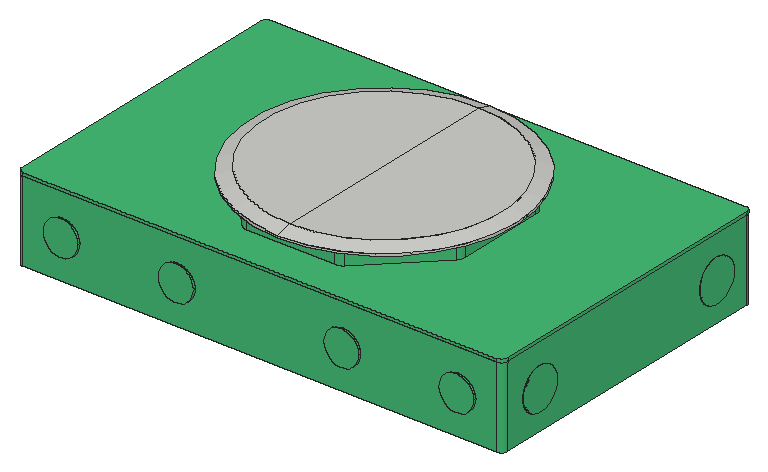
Revit family "Electrical_Equipment-Floor_Box-Hubbell_Wiring-6_Gang-Concrete-CFB6G30R", category Electrical Fixtures, host Face, Revit 2015
Parameters (values of type "CFB6G30RCR")
  URL = "http://www.hubbell-wiring.com/"
  Product data url = "https://bimobject.com/hubbellwiring/product/hubbell-cfb6g30"
  Product Page URL = "http://ecatalog.hubbell-wiring.com/productinformation/viewcatalog.aspx?Dest=hubbell-wiring.com/press/catalog/O.pdf"
  Product Documentation Link = "http://www.hubbell-wiring.com/DrawingLibrary.aspx/"
  Model = "CFB6G30RCR"
  Manufacturer = "Hubbell-Wiring"  # constant formula
  Keynote = ""
  Device Plate 6 [instance] = Device Plate : FBMP139 - Simplex / 20A - 1.39" circular opening
  Device Plate 5 [instance] = Device Plate : FBMP139 - Simplex / 20A - 1.39" circular opening
  Device Plate 4 [instance] = Device Plate : FBMP139 - Simplex / 20A - 1.39" circular opening
  Device Plate 3 [instance] = Device Plate : FBMP139 - Simplex / 20A - 1.39" circular opening
  Device Plate 2 [instance] = Device Plate : FBMP139 - Simplex / 20A - 1.39" circular opening
  Device Plate 1 [instance] = Device Plate : FBMP139 - Simplex / 20A - 1.39" circular opening
  Description = "Concrete Floor, 6 Gang for 8'' Rond Cover With Green Exterior"
  Default Elevation = 0.00"
  Cover Type [instance] = CFBS1R8CVR : CFBS1R8CVRNK - Nickel Cover
  Conduit Connector_9 Description = "Conduit 1.25in. 1in. or 0.75in. Connection"
  Conduit Connector_8 Description = "Conduit 1.25in. 1in. or 0.75in. Connection"
  Conduit Connector_7 Description = "Conduit 1.25in. 1in. or 0.75in. Connection"
  Conduit Connector_6 Description = "Conduit 1.25in. 1in. or 0.75in. Connection"
  Conduit Connector_5 Description = "Conduit 1.25in. 1in. or 0.75in. Connection"
  Conduit Connector_4 Description = "Conduit 1.5in. 1.25in. 1in. or  0.75. Connection"
  Conduit Connector_3 Description = "Conduit 1.5in. 1.25in. 1in. or  0.75. Connection"
  Conduit Connector_20 Description = "Conduit 0.75in. or 0.5in. Connection"
  Conduit Connector_2 Description = "Conduit 1.5in. 1.25in. 1in. or  0.75. Connection"
  Conduit Connector_19 Description = "Conduit 0.75in. or 0.5in. Connection"
  Conduit Connector_18 Description = "Conduit 0.75in. or 0.5in. Connection"
  Conduit Connector_17 Description = "Conduit 0.75in. or 0.5in. Connection"
  Conduit Connector_16 Description = "Conduit 1.25in. 1in. or 0.75in. Connection"
  Conduit Connector_15 Description = "Conduit 1.25in. 1in. or 0.75in. Connection"
  Conduit Connector_14 Description = "Conduit 1.25in. 1in. or 0.75in. Connection"
  Conduit Connector_13 Description = "Conduit 1.25in. 1in. or 0.75in. Connection"
  Conduit Connector_12 Description = "Conduit 1.25in. 1in. or 0.75in. Connection"
  Conduit Connector_11 Description = "Conduit 1.25in. 1in. or 0.75in. Connection"
  Conduit Connector_10 Description = "Conduit 1.25in. 1in. or 0.75in. Connection"
  Conduit Connector_1 Description = "Conduit 1.5in. 1.25in. 1in. or  0.75. Connection"
  Conduit Connector 4 Radius = 0.375"
  Conduit Connector 3 Radius = 0.75"
  Conduit Connector 2 Radius = 0.625"
  Conduit Connector 1 Radius = 0.75"
  Box Material = Metal - Hubbell - Green Finish
  Assembly Code = "D5020115"
Types (2): name | Model | Description | Box Material
  CFB6G30R | "CFB6G30R" | "Concrete Floor, 6 Gang for 8'' Rond Cover" | Metal - Hubbell - Steel
  CFB6G30RCR | "CFB6G30RCR" | "Concrete Floor, 6 Gang for 8'' Rond Cover With Green Exterior" | Metal - Hubbell - Green Finish
Reference planes (in)
  plane 1 "Center (Front/Back)": y = 0
  plane 2: z = 0
  plane 3 "Center (Left/Right)": x = 0
  plane 4 "Bottom": z = -3.539
  plane 5: y = -3.965
  plane 6: z = -2.119
  plane 7: z = -3.599
  plane 8: x = -8.71897
  plane 9: x = 8.71897
  plane 10: y = 5.5648
  plane 11: y = -5.5648
  plane 12: z = -3.439
  plane 13 "Box cut": y = 5.47431
  plane 14: y = -5.47431
  plane 15: z = -0.64
  plane 16: y = 3.965
  plane 17: x = -8.77271
  plane 18: x = 8.77271
  plane 19: y = -5.6248
  plane 20: y = 5.6248
  plane 21: x = -2.97
  plane 22: x = 2.97
  plane 23: x = -7.1
  plane 24: x = 7.1
  plane 25: x = 8.62897
  plane 26: x = -8.62897
  plane 27: x = -1.2
  plane 28: x = 1.2
  plane 29: y = 4.6
  plane 30: y = -4.6
  plane 31: z = -0.54
Forms (in)
  Extrusion 1, solid, material "Metal - Hubbell - Green Finish" <- "Box Material"
    sketch origin (0, 0, -3.539) x (0, 1, 0) y (-1, 0, 0)
      loop
        arc (-5.3399, 8.71897) -> (-5.49893, 8.6531) -> (-5.5648, 8.49407) r 0.2249
        line (-5.5648, 8.49407) -> (-5.5648, -8.49407)
        arc (-5.5648, -8.49407) -> (-5.49893, -8.6531) -> (-5.3399, -8.71897) r 0.2249
        line (-5.3399, -8.71897) -> (5.36421, -8.71897)
        arc (5.36421, -8.71897) -> (5.50605, -8.66022) -> (5.5648, -8.51838) r 0.20059
        line (5.5648, -8.51838) -> (5.5648, 8.49407)
        arc (5.5648, 8.49407) -> (5.49893, 8.6531) -> (5.3399, 8.71897) r 0.2249
        line (5.3399, 8.71897) -> (-5.3399, 8.71897)
    from 0 to 2.899
  Extrusion 2, solid, material "Metal - Hubbell - Green Finish" <- "Box Material", detail levels medium+fine
    sketch origin (0, 0, 0) x (1, 0, 0) y (0, 0, 1)
      loop
        circle (-2.97, -2.119) r 0.625
      loop
        circle (2.97, -2.119) r 0.625
      loop
        circle (-7.1, -2.119) r 0.625
      loop
        circle (7.1, -2.119) r 0.625
    from 5.5648 to 5.6248
  Extrusion 3, solid, material "Metal - Hubbell - Green Finish" <- "Box Material", detail levels medium+fine
    sketch origin (0, 0, 0) x (1, 0, 0) y (0, 0, -1)
      loop
        circle (-2.97, 2.119) r 0.625
      loop
        circle (2.97, 2.119) r 0.625
      loop
        circle (7.1, 2.119) r 0.625
      loop
        circle (-7.1, 2.119) r 0.625
    from 5.5648 to 5.6248
  Extrusion 4, solid, material "Metal - Hubbell - Green Finish" <- "Box Material", detail levels medium+fine
    sketch origin (0, 0, 0) x (0, 1, 0) y (0, 0, 1)
      loop
        circle (-3.965, -2.119) r 0.75
      loop
        circle (3.965, -2.119) r 0.75
    from 8.71897 to 8.77271
  Extrusion 5, solid, material "Metal - Hubbell - Green Finish" <- "Box Material", detail levels medium+fine
    sketch origin (0, 0, 0) x (0, 1, 0) y (0, 0, -1)
      loop
        circle (-3.965, 2.119) r 0.75
      loop
        circle (3.965, 2.119) r 0.75
    from 8.71897 to 8.77271
  Extrusion 6, void
    sketch origin (0, 0, 0) x (1, 0, 0) y (0, 1, 0)
      loop
        line (-8.62897, 5.47431) -> (-8.62897, -5.47431) -> (8.62897, -5.47431) -> (8.62897, 5.47431) -> (-8.62897, 5.47431)
    from -3.439 to 0
  Extrusion 7, solid, material "Metal - Hubbell - Green Finish" <- "Box Material"
    sketch origin (0, 0, 0) x (1, 0, 0) y (0, 1, 0)
      loop
        circle (7.1, 3.965) r 0.75
      loop
        circle (-7.1, -3.965) r 0.75
      loop
        circle (7.1, -3.965) r 0.75
      loop
        circle (-7.1, 3.965) r 0.75
      loop
        circle (-1.2, 4.6) r 0.375
      loop
        circle (1.2, 4.6) r 0.375
      loop
        circle (-1.2, -4.6) r 0.375
      loop
        circle (1.2, -4.6) r 0.375
    from -3.599 to -3.539
  Sweep 8, solid, material "Metal - Hubbell - Green Finish" <- "Box Material"
    path origin (0, 0, 0) x (0, 1, 0) y (0, 0, 1)
      loop
        line (0, -0.64) -> (0, -0.54)
    profile origin (0, 0, -0.59) x (0, -1, 0) y (1, 0, 0)
      loop
        arc (-5.5648, -8.49407) -> (-5.49893, -8.6531) -> (-5.3399, -8.71897) r 0.2249
        line (-5.3399, -8.71897) -> (5.3399, -8.71897)
        arc (5.3399, -8.71897) -> (5.49893, -8.6531) -> (5.5648, -8.49407) r 0.2249
        line (5.5648, -8.49407) -> (5.5648, 8.49407)
        arc (5.5648, 8.49407) -> (5.49893, 8.6531) -> (5.3399, 8.71897) r 0.2249
        line (5.3399, 8.71897) -> (-5.36421, 8.71897)
        arc (-5.36421, 8.71897) -> (-5.50605, 8.66022) -> (-5.5648, 8.51838) r 0.20059
        line (-5.5648, 8.51838) -> (-5.5648, -8.49407)
  Sweep 9, solid, material "Metal - Hubbell - Green Finish" <- "Box Material"
    path origin (0, 0, 0) x (0, 1, 0) y (0, 0, 1)
      loop
        line (0, -0.54) -> (0, 0)
    profile origin (0, 0, -0.27) x (0, -1, 0) y (1, 0, 0)
      loop
        arc (-1.84911, -4.07) -> (-1.72124, -4.15544) -> (-1.57041, -4.18544) r 0.39414
        line (-1.57041, -4.18544) -> (1.57041, -4.18544)
        arc (1.57041, -4.18544) -> (1.72124, -4.15544) -> (1.84911, -4.07) r 0.39414
        line (1.84911, -4.07) -> (4.07, -1.84911)
        arc (4.07, -1.84911) -> (4.15544, -1.72124) -> (4.18544, -1.57041) r 0.39414
        line (4.18544, -1.57041) -> (4.18544, 1.57041)
        arc (4.18544, 1.57041) -> (4.15544, 1.72124) -> (4.07, 1.84911) r 0.39414
        line (4.07, 1.84911) -> (1.84911, 4.07)
        arc (1.84911, 4.07) -> (1.72124, 4.15544) -> (1.57041, 4.18544) r 0.39414
        line (1.57041, 4.18544) -> (-1.57041, 4.18544)
        arc (-1.57041, 4.18544) -> (-1.72124, 4.15544) -> (-1.84911, 4.07) r 0.39414
        line (-1.84911, 4.07) -> (-4.07, 1.84911)
        arc (-4.07, 1.84911) -> (-4.15544, 1.72124) -> (-4.18544, 1.57041) r 0.39414
        line (-4.18544, 1.57041) -> (-4.18544, -1.57041)
        arc (-4.18544, -1.57041) -> (-4.15544, -1.72124) -> (-4.07, -1.84911) r 0.39414
        line (-4.07, -1.84911) -> (-1.84911, -4.07)
Cuts and joins
  Extrusion 6 cuts Extrusion 1
Lines and regions (in)
  symbolic lines
    curve 1: line (0, -5.5648, -3.539) -> (0, -5.5648, 0)
    curve 2: line (0, 5.5648, 0) -> (0, -5.5648, 0)
    curve 3: line (0, 5.5648, 0) -> (0, 5.5648, -3.539)
    curve 4: line (0, 5.5648, -3.539) -> (0, -5.5648, -3.539)
    curve 5: line (-8.71897, 0, 0) -> (-8.71897, 0, -3.539)
    curve 6: line (-8.71897, 0, -3.539) -> (8.71897, 0, -3.539)
    curve 7: line (8.71897, 0, -3.539) -> (8.71897, 0, 0)
    curve 8: line (8.71897, 0, -0.64) -> (8.71897, 0, 0)
    curve 9: line (8.71897, 0, 0) -> (-8.71897, 0, 0)
    curve 10: line (-8.71897, 0, 0) -> (-8.71897, 0, -0.64)
Dimensions and locks (in)
  level to plane 4 "Bottom" = 3.539"
  level to plane 7 = 3.599"
  level to plane 12 = 3.439"
  plane 6 to level = 2.119"
  level to plane 15 = 0.64"
  locked: plane 5 to Extrusion 5 sketch curve at 0
  locked: plane 6 to Extrusion 5 sketch curve at 0  (x2)
  locked: plane 16 to Extrusion 5 sketch curve at 0
  locked: plane 5 to Extrusion 4 sketch curve at 0
  locked: plane 6 to Extrusion 4 sketch curve at 0  (x2)
  locked: plane 16 to Extrusion 4 sketch curve at 0
  host face to plane 4 "Bottom" = 3.539"
  equal spacing: plane 22, plane 3 "Center (Left/Right)", plane 21
  locked: plane 3 "Center (Left/Right)" to plane 21 at 2.97
  locked: plane 11 to plane 19 at 0.06
  equal spacing: plane 16, plane 1 "Center (Front/Back)", plane 5
  locked: plane 16 to plane 1 "Center (Front/Back)" at 3.965
  equal spacing: plane 14, plane 1 "Center (Front/Back)", plane 13 "Box cut"
  equal spacing: plane 11, plane 1 "Center (Front/Back)", plane 10
  equal spacing: plane 20, plane 1 "Center (Front/Back)", plane 19
  equal spacing: plane 8, plane 3 "Center (Left/Right)", plane 9
  equal spacing: plane 17, plane 3 "Center (Left/Right)", plane 18
  equal spacing: plane 24, plane 3 "Center (Left/Right)", plane 23
  locked: plane 3 "Center (Left/Right)" to plane 23 at 7.1
  equal spacing: plane 26, plane 3 "Center (Left/Right)", plane 25
  equal spacing: plane 29, plane 1 "Center (Front/Back)", plane 30
  plane 29 to plane 1 "Center (Front/Back)" = 4.60"
  equal spacing: plane 28, plane 3 "Center (Left/Right)", plane 27
  locked: plane 28 to plane 3 "Center (Left/Right)" at 1.2
  locked: plane 17 to plane 18 at 17.54542
  locked: plane 31 to plane 15 at 0.1
  locked: Sweep 9 to plane 3 "Center (Left/Right)" at 4.18544
  "Conduit Connector 1 Radius": radius of Extrusion 5 sketch curve  (x2)
  "Conduit Connector 1 Radius": radius of Extrusion 4 sketch curve  (x2)
  "Conduit Connector 2 Radius": radius of Extrusion 2 sketch curve  (x4)
  "Conduit Connector 3 Radius": radius of Extrusion 7 sketch curve  (x4)
  "Conduit Connector 2 Radius": radius of Extrusion 3 sketch curve  (x4)
  "Conduit Connector 4 Radius": radius of Extrusion 7 sketch curve  (x4)
  aligned and locked: host face to plane 2
  aligned and locked: level to host face
  aligned and locked: plane 8 to Extrusion 5
  aligned and locked: Extrusion 4 to plane 9
  aligned and locked: Extrusion 2 to plane 11
  aligned and locked: plane 10 to Extrusion 3
  aligned and locked: Extrusion 1 to plane 4 "Bottom"
  aligned and locked: Extrusion 1 sketch curve to plane 9
  aligned and locked: plane 11 to Extrusion 1 sketch curve
  aligned and locked: cut or joined group of Extrusion 1, Extrusion 6 to plane 13 "Box cut"
  aligned and locked: plane 14 to cut or joined group of Extrusion 1, Extrusion 6
  aligned and locked: plane 2 to cut or joined group of Extrusion 1, Extrusion 6
  aligned and locked: plane 4 "Bottom" to Extrusion 7
  aligned and locked: curve 4 to plane 4 "Bottom"
  aligned and locked: plane 11 to curve 1
  aligned and locked: curve 2 to plane 2
  aligned and locked: Extrusion 7 to plane 7
  aligned and locked: Extrusion 5 to plane 17
  aligned and locked: plane 18 to Extrusion 4
  aligned and locked: Extrusion 2 to plane 19
  aligned and locked: plane 20 to Extrusion 3
  aligned and locked: curve 5 to plane 8
  aligned and locked: curve 6 to plane 4 "Bottom"
  aligned and locked: plane 9 to curve 7
  aligned and locked: plane 9 to curve 8
  aligned and locked: Extrusion 6 to plane 12
  aligned and locked: plane 10 to Extrusion 1 sketch curve
  aligned and locked: plane 6 to Extrusion 2 sketch curve  (x4)
  aligned and locked: plane 21 to Extrusion 2 sketch curve
  aligned and locked: plane 22 to Extrusion 2 sketch curve
  aligned and locked: plane 23 to Extrusion 2 sketch curve
  aligned and locked: plane 24 to Extrusion 2 sketch curve
  aligned and locked: plane 6 to Extrusion 3 sketch curve  (x4)
  aligned and locked: plane 21 to Extrusion 3 sketch curve
  aligned and locked: plane 22 to Extrusion 3 sketch curve
  aligned and locked: plane 24 to Extrusion 3 sketch curve
  aligned and locked: plane 23 to Extrusion 3 sketch curve
  aligned and locked: plane 8 to Extrusion 1 sketch curve
  aligned and locked: Extrusion 6 sketch curve to plane 25
  aligned and locked: plane 26 to Extrusion 6 sketch curve
  aligned and locked: plane 23 to Extrusion 7 sketch curve  (x2)
  aligned and locked: plane 24 to Extrusion 7 sketch curve  (x2)
  aligned and locked: plane 5 to Extrusion 7 sketch curve  (x2)
  aligned and locked: plane 16 to Extrusion 7 sketch curve  (x2)
  aligned and locked: plane 29 to Extrusion 7 sketch curve  (x2)
  aligned and locked: plane 27 to Extrusion 7 sketch curve  (x2)
  aligned and locked: plane 28 to Extrusion 7 sketch curve  (x2)
  aligned and locked: plane 30 to Extrusion 7 sketch curve  (x2)
  aligned and locked: plane 1 "Center (Front/Back)" to Sweep 8 sketch curve
  aligned and locked: plane 15 to Sweep 8 sketch curve
  aligned and locked: plane 31 to Sweep 8 sketch curve
  aligned and locked: plane 1 "Center (Front/Back)" to Sweep 9 sketch curve
  aligned and locked: plane 2 to Sweep 9 sketch curve
  aligned and locked: plane 31 to Sweep 9 sketch curve
  aligned and locked: plane 15 to Extrusion 1
  aligned and locked: Sweep 8 sketch curve to plane 8
  aligned and locked: Sweep 8 sketch curve to plane 10
  aligned and locked: plane 9 to Sweep 8 sketch curve
  aligned and locked: plane 11 to Sweep 8 sketch curve
  aligned and locked: plane 3 "Center (Left/Right)" to nested 1
  aligned and locked: plane 1 "Center (Front/Back)" to nested 1
  aligned and locked: plane 10 to curve 3
  aligned and locked: plane 31 to Sweep 8
  aligned and locked: curve 9 to plane 2
Automatic sketch dimensions
  host sketch curve to host sketch curve = 96.00"  (x2)
  Extrusion 1 sketch curve to plane 14 = 0.13441"  (x2)
  plane 13 "Box cut" to Extrusion 1 sketch curve = 0.13441"
  plane 13 "Box cut" to Extrusion 1 sketch curve = 0.1101"
  plane 14 to Extrusion 6 sketch curve = 0.00"
  plane 13 "Box cut" to Extrusion 6 sketch curve = 0.00"
  Sweep 8 sketch curve to Sweep 8 sketch curve = 0.2249"  (x3)
  Sweep 8 sketch curve to Sweep 8 sketch curve = 0.20059"
  Sweep 9 sketch curve to plane 3 "Center (Left/Right)" = 1.84911"  (x2)
  profile plane to Sweep 9 sketch curve = 4.07"
  profile plane to Sweep 9 sketch curve = 1.84911"
  Sweep 9 sketch curve to Sweep 9 sketch curve = 0.2787"  (x9)
  Sweep 9 sketch curve to Sweep 9 sketch curve = 1.9422"
  Sweep 9 sketch curve to profile plane = 1.57041"
  Sweep 9 sketch curve to Sweep 9 sketch curve = 2.2209"  (x2)
  Sweep 9 sketch curve to Sweep 9 sketch curve = 0.11544"  (x4)
  plane 3 "Center (Left/Right)" to Sweep 9 sketch curve = 1.57041"
  Sweep 9 sketch curve to Sweep 9 sketch curve = 0.39414"  (x2)
  Sweep 9 sketch curve to profile plane = 1.84911"
  profile plane to Sweep 9 sketch curve = 1.57041"
  plane 3 "Center (Left/Right)" to Sweep 9 sketch curve = 1.84911"
  Sweep 9 sketch curve to Sweep 9 sketch curve = 2.49959"
  curve 8 to plane 15 = 0.00"
  curve 10 to plane 15 = 0.00"
Nested families (in)
  nested 1: "CFBS1R8CVR" at (0, 0, 0), type <- "Cover Type", type "CFBS1R8CVRNK - Nickel Cover"
  nested 2: "Device Plate" at (8.28635, -19.5648, 0), type "FBMP139 - Simplex / 20A - 1.39" circular opening"
Connectors (in)
  cabletrayconduit at (8.77271, -3.965, -2.119), diameter 1.5, driven by "Conduit Connector 1 Radius", driven by "Conduit Connector_1 Description"
    settings: on Extrusion 4, index 1, connector width 12.00", connector height 12.00", connector angle 0.00°, system type 32, placement type 0, profile type 0, connector reference index -1, is primary connector yes, connector utility param no, connector description "Conduit 1.5in. 1.25in. 1in. or  0.75. Connection"
  cabletrayconduit at (8.77271, 3.965, -2.119), diameter 1.5, driven by "Conduit Connector 1 Radius", driven by "Conduit Connector_2 Description"
    settings: on Extrusion 4, index 2, connector width 12.00", connector height 12.00", connector angle 0.00°, system type 32, placement type 0, profile type 0, connector reference index -1, is primary connector no, connector utility param no, connector description "Conduit 1.5in. 1.25in. 1in. or  0.75. Connection"
  cabletrayconduit at (-8.77271, 3.965, -2.119), diameter 1.5, driven by "Conduit Connector 1 Radius", driven by "Conduit Connector_3 Description"
    settings: on Extrusion 5, index 3, connector width 12.00", connector height 12.00", connector angle 0.00°, system type 32, placement type 0, profile type 0, connector reference index -1, is primary connector no, connector utility param no, connector description "Conduit 1.5in. 1.25in. 1in. or  0.75. Connection"
  cabletrayconduit at (-8.77271, -3.965, -2.119), diameter 1.5, driven by "Conduit Connector 1 Radius", driven by "Conduit Connector_4 Description"
    settings: on Extrusion 5, index 4, connector width 12.00", connector height 12.00", connector angle 0.00°, system type 32, placement type 0, profile type 0, connector reference index -1, is primary connector no, connector utility param no, connector description "Conduit 1.5in. 1.25in. 1in. or  0.75. Connection"
  cabletrayconduit at (-7.1, -5.6248, -2.119), diameter 1.25, driven by "Conduit Connector 2 Radius", driven by "Conduit Connector_5 Description"
    settings: on Extrusion 2, index 5, connector width 12.00", connector height 12.00", connector angle 0.00°, system type 32, placement type 0, profile type 0, connector reference index -1, is primary connector no, connector utility param no, connector description "Conduit 1.25in. 1in. or 0.75in. Connection"
  cabletrayconduit at (-2.97, -5.6248, -2.119), diameter 1.25, driven by "Conduit Connector 2 Radius", driven by "Conduit Connector_6 Description"
    settings: on Extrusion 2, index 6, connector width 12.00", connector height 12.00", connector angle 0.00°, system type 32, placement type 0, profile type 0, connector reference index -1, is primary connector no, connector utility param no, connector description "Conduit 1.25in. 1in. or 0.75in. Connection"
  cabletrayconduit at (2.97, -5.6248, -2.119), diameter 1.25, driven by "Conduit Connector 2 Radius", driven by "Conduit Connector_7 Description"
    settings: on Extrusion 2, index 7, connector width 12.00", connector height 12.00", connector angle 0.00°, system type 32, placement type 0, profile type 0, connector reference index -1, is primary connector no, connector utility param no, connector description "Conduit 1.25in. 1in. or 0.75in. Connection"
  cabletrayconduit at (7.1, -5.6248, -2.119), diameter 1.25, driven by "Conduit Connector 2 Radius", driven by "Conduit Connector_8 Description"
    settings: on Extrusion 2, index 8, connector width 12.00", connector height 12.00", connector angle 0.00°, system type 32, placement type 0, profile type 0, connector reference index -1, is primary connector no, connector utility param no, connector description "Conduit 1.25in. 1in. or 0.75in. Connection"
  cabletrayconduit at (-7.1, 5.6248, -2.119), diameter 1.25, driven by "Conduit Connector 2 Radius", driven by "Conduit Connector_9 Description"
    settings: on Extrusion 3, index 9, connector width 12.00", connector height 12.00", connector angle 0.00°, system type 32, placement type 0, profile type 0, connector reference index -1, is primary connector no, connector utility param no, connector description "Conduit 1.25in. 1in. or 0.75in. Connection"
  cabletrayconduit at (-2.97, 5.6248, -2.119), diameter 1.25, driven by "Conduit Connector 2 Radius", driven by "Conduit Connector_10 Description"
    settings: on Extrusion 3, index 10, connector width 12.00", connector height 12.00", connector angle 0.00°, system type 32, placement type 0, profile type 0, connector reference index -1, is primary connector no, connector utility param no, connector description "Conduit 1.25in. 1in. or 0.75in. Connection"
  cabletrayconduit at (2.97, 5.6248, -2.119), diameter 1.25, driven by "Conduit Connector 2 Radius", driven by "Conduit Connector_11 Description"
    settings: on Extrusion 3, index 11, connector width 12.00", connector height 12.00", connector angle 0.00°, system type 32, placement type 0, profile type 0, connector reference index -1, is primary connector no, connector utility param no, connector description "Conduit 1.25in. 1in. or 0.75in. Connection"
  cabletrayconduit at (7.1, 5.6248, -2.119), diameter 1.25, driven by "Conduit Connector 2 Radius", driven by "Conduit Connector_12 Description"
    settings: on Extrusion 3, index 12, connector width 12.00", connector height 12.00", connector angle 0.00°, system type 32, placement type 0, profile type 0, connector reference index -1, is primary connector no, connector utility param no, connector description "Conduit 1.25in. 1in. or 0.75in. Connection"
  cabletrayconduit at (7.1, 3.965, -3.599), diameter 1.5, driven by "Conduit Connector 3 Radius", driven by "Conduit Connector_13 Description"
    settings: on Extrusion 7, index 13, connector width 12.00", connector height 12.00", connector angle 0.00°, system type 32, placement type 0, profile type 0, connector reference index -1, is primary connector no, connector utility param no, connector description "Conduit 1.25in. 1in. or 0.75in. Connection"
  cabletrayconduit at (7.1, -3.965, -3.599), diameter 1.5, driven by "Conduit Connector 3 Radius", driven by "Conduit Connector_14 Description"
    settings: on Extrusion 7, index 14, connector width 12.00", connector height 12.00", connector angle 0.00°, system type 32, placement type 0, profile type 0, connector reference index -1, is primary connector no, connector utility param no, connector description "Conduit 1.25in. 1in. or 0.75in. Connection"
  cabletrayconduit at (-7.1, 3.965, -3.599), diameter 1.5, driven by "Conduit Connector 3 Radius", driven by "Conduit Connector_15 Description"
    settings: on Extrusion 7, index 15, connector width 12.00", connector height 12.00", connector angle 0.00°, system type 32, placement type 0, profile type 0, connector reference index -1, is primary connector no, connector utility param no, connector description "Conduit 1.25in. 1in. or 0.75in. Connection"
  cabletrayconduit at (-7.1, -3.965, -3.599), diameter 1.5, driven by "Conduit Connector 3 Radius", driven by "Conduit Connector_16 Description"
    settings: on Extrusion 7, index 16, connector width 12.00", connector height 12.00", connector angle 0.00°, system type 32, placement type 0, profile type 0, connector reference index -1, is primary connector no, connector utility param no, connector description "Conduit 1.25in. 1in. or 0.75in. Connection"
  cabletrayconduit at (-1.2, -4.6, -3.599), diameter 0.75, driven by "Conduit Connector 4 Radius", driven by "Conduit Connector_17 Description"
    settings: on Extrusion 7, index 17, connector width 12.00", connector height 12.00", connector angle 0.00°, system type 32, placement type 0, profile type 0, connector reference index -1, is primary connector no, connector utility param no, connector description "Conduit 0.75in. or 0.5in. Connection"
  cabletrayconduit at (1.2, -4.6, -3.599), diameter 0.75, driven by "Conduit Connector 4 Radius", driven by "Conduit Connector_18 Description"
    settings: on Extrusion 7, index 18, connector width 12.00", connector height 12.00", connector angle 0.00°, system type 32, placement type 0, profile type 0, connector reference index -1, is primary connector no, connector utility param no, connector description "Conduit 0.75in. or 0.5in. Connection"
  cabletrayconduit at (-1.2, 4.6, -3.599), diameter 0.75, driven by "Conduit Connector 4 Radius", driven by "Conduit Connector_19 Description"
    settings: on Extrusion 7, index 19, connector width 12.00", connector height 12.00", connector angle 0.00°, system type 32, placement type 0, profile type 0, connector reference index -1, is primary connector no, connector utility param no, connector description "Conduit 0.75in. or 0.5in. Connection"
  cabletrayconduit at (1.2, 4.6, -3.599), diameter 0.75, driven by "Conduit Connector 4 Radius", driven by "Conduit Connector_20 Description"
    settings: on Extrusion 7, index 20, connector width 12.00", connector height 12.00", connector angle 0.00°, system type 32, placement type 0, profile type 0, connector reference index -1, is primary connector no, connector utility param no, connector description "Conduit 0.75in. or 0.5in. Connection"
Definition of nested family "CFBS1R8CVR"
  Parameters
    URL = "http://www.hubbell-wiring.com/"
    Product Page URL = ""
    Product Documentation Link = ""
    Model = "CFBS1R8CVRNK"
    Manufacturer = "Hubbell-Wiring"  # constant formula
    Description = "System one 8 inch round cover for recessed floor boxes"  # constant formula
    Default Elevation = 0.00"
    Cover Material = none
    Assembly Code = "D5020115"
  Reference planes (in)
    plane 1 "Center (Front/Back)": y = 0
    plane 2: z = 0
    plane 3 "Center (Left/Right)": x = 0
  Forms (in)
    Extrusion 1, solid
      sketch origin (0, 0, 0) x (1, 0, 0) y (0, 1, 0)
        loop
          line (-48, 48) -> (-48, -48) -> (48, -48) -> (48, 48) -> (-48, 48)
      from 0 to -12
    Revolve 2, solid, material <- "Cover Material"
      sketch origin (0, 0, 0) x (0, 1, 0) y (0, 0, 1)
        loop
          line (0, 0.24) -> (-4.25, 0.24) -> (-4.75, 0.07409) -> (-4.75, 0) -> (-4, 0) -> (-4, -0.76) -> (0, -0.76) -> (0, 0.24)
        axis (0, 0.24) -> (0, -0.76)
      angle from 0 to 360
  Lines and regions (in)
    symbolic lines
      curve 1: line (-4.25036, 0, 0.24) -> (4.24848, 0, 0.24)
      curve 2: line (4.74848, 0, 0) -> (-4.75036, 0, 0)
      curve 3: line (3.99848, 0, -0.76) -> (-4.00036, 0, -0.76)
      curve 4: line (3.99848, 0, 0) -> (3.99848, 0, -0.76)
      curve 5: line (-4.00036, 0, -0.76) -> (-4.00036, 0, 0)
      curve 6: line (0, 4.25, 0.24) -> (0, -4.25, 0.24)
      curve 7: line (0, -4.75, 0) -> (0, 4.75, 0)
      curve 8: line (0, 4, -0.76) -> (0, 4, 0)
      curve 9: line (0, -4, -0.76) -> (0, 4, -0.76)
      curve 10: line (0, -4, 0) -> (0, -4, -0.76)
      curve 16: line (-4.75036, 0, 0) -> (-4.75036, 0, 0.07409)
      curve 17: line (4.74848, 0, 0) -> (4.74848, 0, 0.07409)
      curve 19: line (-4.75036, 0, 0.07409) -> (-4.25036, 0, 0.24)
      curve 21: line (4.24848, 0, 0.24) -> (4.74848, 0, 0.07409)
      curve 24: line (0, 4.25, 0.24) -> (0, 4.75, 0.07409)
      curve 25: line (0, -4.25, 0.24) -> (0, -4.75, 0.07409)
      curve 26: line (0, -4.75, 0.07409) -> (0, -4.75, 0)
      curve 27: line (0, 4.75, 0) -> (0, 4.75, 0.07409)
      curve 46: circle (0, 0, 0) r 4.75 normal (0, 0, 1)
      curve 47: circle (0, 0, 0) r 4.25 normal (0, 0, 1)
    reference lines
      curve 11: line (-2.98985, 0, 0.53206) -> (-4.78257, 0, -0.06281)
      curve 12: arc (-1.875, 2.145, 0) -> (-1.69822, 2.07178, 0) -> (-1.625, 1.895, 0) r 0.25
      curve 13: arc (-1.875, -2.145, 0) -> (-1.69822, -2.07178, 0) -> (-1.625, -1.895, 0) r 0.25
      curve 14: arc (1.875, 2.145, 0) -> (1.69822, 2.07178, 0) -> (1.625, 1.895, 0) r 0.25
      curve 15: arc (1.875, -2.145, 0) -> (1.69822, -2.07178, 0) -> (1.625, -1.895, 0) r 0.25
      curve 18: line (-3.87, 0, 0.24) -> (-4.37, 0, 0.07409)
      curve 20: line (3.51326, 0, 0.35838) -> (4.59327, 0, 0)
      curve 22: line (0, 6.70455, 0.32476) -> (0, 7.57568, 0.0357)
      curve 23: line (0, -6.61229, 0.35538) -> (0, -7.58929, 0.03119)
    model lines, detail levels medium+fine
      curve 28: line (-3.84148, 1.81811, 0.24) -> (-2.94463, 1.81811, 0.24)
      curve 29: arc (-2.44463, 1.31811, 0.24) -> (-2.59107, 1.67166, 0.24) -> (-2.94463, 1.81811, 0.24) r 0.5
      curve 30: line (-3.84148, -1.81811, 0.24) -> (-2.94463, -1.81811, 0.24)
      curve 31: line (-2.44463, -1.31811, 0.24) -> (-2.44463, 1.31811, 0.24)
      curve 32: arc (-2.44463, -1.31811, 0.24) -> (-2.59107, -1.67166, 0.24) -> (-2.94463, -1.81811, 0.24) r 0.5
      curve 33: line (-0.64368, -2.06811, 0.24) -> (-0.64368, -1.5462, 0.24)
      curve 34: line (0.64368, -2.06811, 0.24) -> (-0.64368, -2.06811, 0.24)
      curve 35: line (0.64368, -1.5462, 0.24) -> (0.64368, -2.06811, 0.24)
      curve 36: arc (-0.64368, -1.5462, 0.24) -> (-0.49723, -1.19264, 0.24) -> (-0.14368, -1.0462, 0.24) r 0.5
      curve 37: arc (0.14368, -1.0462, 0.24) -> (0.49723, -1.19264, 0.24) -> (0.64368, -1.5462, 0.24) r 0.5
      curve 38: line (-0.14368, -1.0462, 0.24) -> (-0.14368, -0.7962, 0.24)
      curve 39: line (-0.14368, -0.7962, 0.24) -> (0.14368, -0.7962, 0.24)
      curve 40: line (0.14368, -0.7962, 0.24) -> (0.14368, -1.0462, 0.24)
      curve 41: line (3.84148, 1.81811, 0.24) -> (2.94463, 1.81811, 0.24)
      curve 42: arc (2.44463, 1.31811, 0.24) -> (2.59107, 1.67166, 0.24) -> (2.94463, 1.81811, 0.24) r 0.5
      curve 43: line (3.84148, -1.81811, 0.24) -> (2.94463, -1.81811, 0.24)
      curve 44: line (2.44463, -1.31811, 0.24) -> (2.44463, 1.31811, 0.24)
      curve 45: arc (2.44463, -1.31811, 0.24) -> (2.59107, -1.67166, 0.24) -> (2.94463, -1.81811, 0.24) r 0.5
  Dimensions and locks (in)
    aligned and locked: plane 2 to Extrusion 1
    aligned and locked: level to Extrusion 1
Definition of nested family "Device Plate"
  Parameters
    URL = ""
    Product Documentation Link = ""
    Model = "FBMPAAP"
    Manufacturer = "Hubbell-Wiring"  # constant formula
    Description = ""
    Assembly Code = ""
  Reference planes (in)
    plane 1 "Center (Front/Back)": y = 0
    plane 2: z = 0
    plane 3 "Center (Left/Right)": x = 0
  Dimensions and locks (in)
    aligned and locked: plane 2 to level
